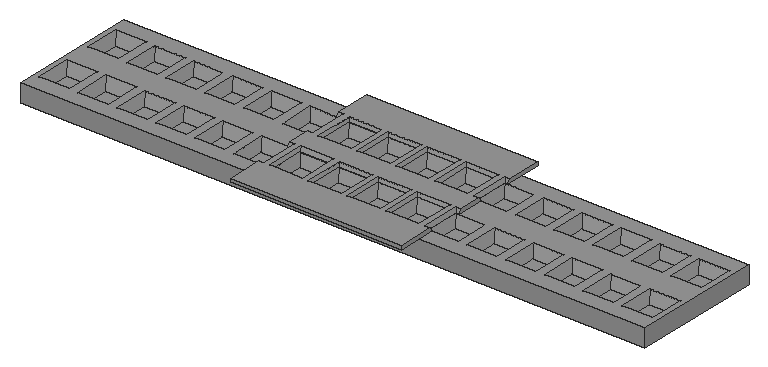
Revit family "2023698", category Lighting Fixtures, host Face, Revit 2018
Family settings
  Host = Face
  Round Connector Dimension = Use Diameter
  Part Type = Normal
  OmniClass Number = 23.80.70.00
  OmniClass Title = Lighting
  Cut with Voids When Loaded = No
  Light Source = Yes
  Shared = No
  Room Calculation Point = No
Parameters (values of type "2023698 OPTIX R 1250 2L TW WHT DA")
  Weight = "n/a"
  Wattage Comments = ""
  Wattage = 9.2903 W
  WarrantyStartDate [instance] = "n/a"
  WarrantyGuarantorParts = "n/a"
  WarrantyDurationUnit = "n/a"
  WarrantyDurationParts = ""
  WarrantyDescription = "http://www.sylvania-lighting.com"
  built-in parameter 1150110 = 1 (stored number, unit not read)
  Voltage = 0 V
  URL = "0.97"
  TypeName = "OPTIX RECESSED 1250 2L TW WHT DALI"
  Type Image = <None>
  Type Comments = "n/a"
  built-in parameter 1114217 = 1 (stored number, unit not read)
  Tilt Angle = -90.00°
  built-in parameter 1150109 = 1 (stored number, unit not read)
  built-in parameter 1150134 = 3
  built-in parameter 1150113 = 1 (stored number, unit not read)
  SerialNumber [instance] = "n/a"
  Photometric Web File = "2023698.ies"
  Material_3_SYL = none
  PowerFactor = 0
  PowerConsumption = "Lighting"
  NominalLength = 308.5 mm
  NominalHeight = 38 mm
  NominalDepth = 308 mm
  Name = "OPTIX RECESSED 1250 2L TW WHT DALI"
  ModelReference = Name  # "OPTIX RECESSED 1250 2L TW WHT DALI"
  ModelNumber = "2023698"
  Model = Name  # "OPTIX RECESSED 1250 2L TW WHT DALI"
  Material = "Feilo Sylvania"
  ManufacturerName = "120 lm/W"
  Manufacturer = ""
  LuminousEfficacy = ""
  built-in parameter 1150105 = 109.82 (stored number, unit not read)
  Lumens = 1380 lm
  LuminaireType = "0"
  built-in parameter 1150115 = 1 (stored number, unit not read)
  LightOutputRatio = "LED"
  built-in parameter 1150137 = (empty or 0)
  built-in parameter 1150139 = (empty or 0)
  LampsType = Lamp  # "n/a"
  LampNominalLuminous = "3000 K"
  LampMacAdamStep = "80"
  LampColourTemperature = "LED"
  LampColourRenderingIndex = "16500"
  built-in parameter 1150112 = 1 (stored number, unit not read)
  built-in parameter 1150114 = 1 (stored number, unit not read)
  Lamp = "n/a"
  Keynote = "n/a"
  InstallationDate [instance] = "n/a"
  InputVoltage = "0"
  InputNominalFrequency = "3000"
  built-in parameter 1150132 = (empty or 0)
  built-in parameter 1150102 = (empty or 0)
  built-in parameter 1150107 = 3200 (stored number, unit not read)
  built-in parameter 1150138 = (empty or 0)
  IngressProtection = "IfcLightFixtureType"
  ImpactProtectionIndex = "IfcLightFixtureType"
  built-in parameter 1150106 = 1.0982 (stored number, unit not read)
  IfcExportType = "IfcLightFixtureType"
  IfcExportAs = "Class I"
  Emit from Circle Diameter = 609.6 mm
  Emit Shape Visible in Rendering = no
  ElectricShockClassification = "120"
  built-in parameter 1150104 = 13.8 (stored number, unit not read)
  DocumentationLiterature = "http://www.sylvania-lighting.com/product/en-int/products/2023698"
  DimmingControlOptions = "n/a"
  Material_2_SYL = none
  Dimming Lamp Color Temperature Shift = <None>
  Description = "OPTIX RECESSED 1250X310 2L TW WHT DALI is a high efficacy low glare luminaire for office and education applications. Ceiling recessed 1250x310 mm. White plastic low glare optics in 2 lines configuration. White RAL9016 fixture body. DALI DT8 controlled tunable white light engine, CRI>80, chromaticity tolerance of 3-step MacAdam ellipse. Luminous flux 3450lm. Power consumption 24W. Luminaire efficacy 144lm/W. Lifespan: 48,500 hours L90B10. UGR<19, Luminance at 65°<3000 Cd/m2, IK07, IP20. Photobiological safety risk group 0. Electrical protection Class I. Glow wire test 850°C."
  Default Elevation = 1219.2 mm
  CreatedOn = "13/10/2022"
  CreatedBy = "@sylvania-lighting.com"
  Cost = 0
  Color Filter = 16777215
  built-in parameter 1114216 [instance] = (empty or 0)
  ClassificationValue = "EF_70_80"
  ClassificationName = "Uniclass2015"
  Material_1_SYL = none
  BarCode [instance] = "n/a"
  built-in parameter 1114218 = 1 (stored number, unit not read)
  built-in parameter 1150133 = 10 (stored number, unit not read)
  AssetType = "Fixed"
  AssetIdentifier [instance] = "n/a"
  Assembly Code = "D5020200"
  Apparent Load = 30 VA
  Material_4_SYL = none
Reference planes
  plane 1 "Center (Front/Back)": y = 0
  plane 2: z = 0
  plane 3 "Center (Left/Right)": x = 0
  plane 4: x = -154.25
  plane 5: x = 154.25
  plane 6: y = 154
  plane 7: y = -154
  plane 8: z = -32
  plane 9: z = 6
  plane 10: y = -116
  plane 11: y = 116
  plane 12: x = -563
  plane 13: x = 563
  plane 14: y = 90
  plane 15: y = -90
  plane 16: x = 275
  plane 17: x = 285
  plane 18: x = 345
  plane 19: x = 355
  plane 20: x = 415
  plane 21: x = 425
  plane 22: x = 485
  plane 23: x = 495
  plane 24: x = -275
  plane 25: x = -285
  plane 26: x = -345
  plane 27: x = -355
  plane 28: x = -415
  plane 29: x = -425
  plane 30: x = -485
  plane 31: x = -495
Forms (mm)
  Extrusion 1, solid, material "Aluminum", detail levels medium+fine
    sketch origin (0, 0, 0) x (1, 0, 0) y (0, 1, 0)
      loop
        line (-154.25, 154) -> (-154.25, -154) -> (154.25, -154) -> (154.25, 154) -> (-154.25, 154)
    from 0 to 6
  Extrusion 2, solid, material "Aluminum", detail levels medium+fine
    sketch origin (0, 0, 0) x (1, 0, 0) y (0, 1, 0)
      loop
        line (-563, 116) -> (-563, -116) -> (563, -116) -> (563, 116) -> (-563, 116)
    from 0 to -32
  Blend 3, void
    base sketch origin (0.2, -114, 0) x (1, 0, 0) y (0, 1, 0)
      loop
        line (-275.2, 204) -> (-275.2, 134) -> (-215.2, 134) -> (-215.2, 204) -> (-275.2, 204)
    top sketch origin (0.2, -114, 0) x (1, 0, 0) y (0, 1, 0)
      loop
        line (-265.2, 189) -> (-265.2, 149) -> (-225.2, 149) -> (-225.2, 189) -> (-265.2, 189)
    from 6 to -19
  Blend 4, void
    base sketch origin (70.2, -114, 0) x (1, 0, 0) y (0, 1, 0)
      loop
        line (-275.2, 204) -> (-275.2, 134) -> (-215.2, 134) -> (-215.2, 204) -> (-275.2, 204)
    top sketch origin (70.2, -114, 0) x (1, 0, 0) y (0, 1, 0)
      loop
        line (-265.2, 189) -> (-265.2, 149) -> (-225.2, 149) -> (-225.2, 189) -> (-265.2, 189)
    from 6 to -19
  Blend 5, void
    base sketch origin (140.2, -114, 0) x (1, 0, 0) y (0, 1, 0)
      loop
        line (-275.2, 204) -> (-275.2, 134) -> (-215.2, 134) -> (-215.2, 204) -> (-275.2, 204)
    top sketch origin (140.2, -114, 0) x (1, 0, 0) y (0, 1, 0)
      loop
        line (-265.2, 189) -> (-265.2, 149) -> (-225.2, 149) -> (-225.2, 189) -> (-265.2, 189)
    from 6 to -19
  Blend 6, void
    base sketch origin (210.2, -114, 0) x (1, 0, 0) y (0, 1, 0)
      loop
        line (-275.2, 204) -> (-275.2, 134) -> (-215.2, 134) -> (-215.2, 204) -> (-275.2, 204)
    top sketch origin (210.2, -114, 0) x (1, 0, 0) y (0, 1, 0)
      loop
        line (-265.2, 189) -> (-265.2, 149) -> (-225.2, 149) -> (-225.2, 189) -> (-265.2, 189)
    from 6 to -19
  Blend 7, void
    base sketch origin (280.2, -114, 0) x (1, 0, 0) y (0, 1, 0)
      loop
        line (-275.2, 204) -> (-275.2, 134) -> (-215.2, 134) -> (-215.2, 204) -> (-275.2, 204)
    top sketch origin (280.2, -114, 0) x (1, 0, 0) y (0, 1, 0)
      loop
        line (-265.2, 189) -> (-265.2, 149) -> (-225.2, 149) -> (-225.2, 189) -> (-265.2, 189)
    from 6 to -19
  Blend 8, void
    base sketch origin (350.2, -114, 0) x (1, 0, 0) y (0, 1, 0)
      loop
        line (-275.2, 204) -> (-275.2, 134) -> (-215.2, 134) -> (-215.2, 204) -> (-275.2, 204)
    top sketch origin (350.2, -114, 0) x (1, 0, 0) y (0, 1, 0)
      loop
        line (-265.2, 189) -> (-265.2, 149) -> (-225.2, 149) -> (-225.2, 189) -> (-265.2, 189)
    from 6 to -19
  Blend 9, void
    base sketch origin (420.2, -114, 0) x (1, 0, 0) y (0, 1, 0)
      loop
        line (-275.2, 204) -> (-275.2, 134) -> (-215.2, 134) -> (-215.2, 204) -> (-275.2, 204)
    top sketch origin (420.2, -114, 0) x (1, 0, 0) y (0, 1, 0)
      loop
        line (-265.2, 189) -> (-265.2, 149) -> (-225.2, 149) -> (-225.2, 189) -> (-265.2, 189)
    from 6 to -19
  Blend 10, void
    base sketch origin (490.2, -114, 0) x (1, 0, 0) y (0, 1, 0)
      loop
        line (-275.2, 204) -> (-275.2, 134) -> (-215.2, 134) -> (-215.2, 204) -> (-275.2, 204)
    top sketch origin (490.2, -114, 0) x (1, 0, 0) y (0, 1, 0)
      loop
        line (-265.2, 189) -> (-265.2, 149) -> (-225.2, 149) -> (-225.2, 189) -> (-265.2, 189)
    from 6 to -19
  Blend 11, void
    base sketch origin (560.2, -114, 0) x (1, 0, 0) y (0, 1, 0)
      loop
        line (-275.2, 204) -> (-275.2, 134) -> (-215.2, 134) -> (-215.2, 204) -> (-275.2, 204)
    top sketch origin (560.2, -114, 0) x (1, 0, 0) y (0, 1, 0)
      loop
        line (-265.2, 189) -> (-265.2, 149) -> (-225.2, 149) -> (-225.2, 189) -> (-265.2, 189)
    from 6 to -19
  Blend 12, void
    base sketch origin (630.2, -114, 0) x (1, 0, 0) y (0, 1, 0)
      loop
        line (-275.2, 204) -> (-275.2, 134) -> (-215.2, 134) -> (-215.2, 204) -> (-275.2, 204)
    top sketch origin (630.2, -114, 0) x (1, 0, 0) y (0, 1, 0)
      loop
        line (-265.2, 189) -> (-265.2, 149) -> (-225.2, 149) -> (-225.2, 189) -> (-265.2, 189)
    from 6 to -19
  Blend 13, void
    base sketch origin (700.2, -114, 0) x (1, 0, 0) y (0, 1, 0)
      loop
        line (-275.2, 204) -> (-275.2, 134) -> (-215.2, 134) -> (-215.2, 204) -> (-275.2, 204)
    top sketch origin (700.2, -114, 0) x (1, 0, 0) y (0, 1, 0)
      loop
        line (-265.2, 189) -> (-265.2, 149) -> (-225.2, 149) -> (-225.2, 189) -> (-265.2, 189)
    from 6 to -19
  Blend 14, void
    base sketch origin (770.2, -114, 0) x (1, 0, 0) y (0, 1, 0)
      loop
        line (-275.2, 204) -> (-275.2, 134) -> (-215.2, 134) -> (-215.2, 204) -> (-275.2, 204)
    top sketch origin (770.2, -114, 0) x (1, 0, 0) y (0, 1, 0)
      loop
        line (-265.2, 189) -> (-265.2, 149) -> (-225.2, 149) -> (-225.2, 189) -> (-265.2, 189)
    from 6 to -19
  Blend 15, void
    base sketch origin (-69.8, -114, 0) x (1, 0, 0) y (0, 1, 0)
      loop
        line (-275.2, 204) -> (-275.2, 134) -> (-215.2, 134) -> (-215.2, 204) -> (-275.2, 204)
    top sketch origin (-69.8, -114, 0) x (1, 0, 0) y (0, 1, 0)
      loop
        line (-265.2, 189) -> (-265.2, 149) -> (-225.2, 149) -> (-225.2, 189) -> (-265.2, 189)
    from 6 to -19
  Blend 16, void
    base sketch origin (-139.8, -114, 0) x (1, 0, 0) y (0, 1, 0)
      loop
        line (-275.2, 204) -> (-275.2, 134) -> (-215.2, 134) -> (-215.2, 204) -> (-275.2, 204)
    top sketch origin (-139.8, -114, 0) x (1, 0, 0) y (0, 1, 0)
      loop
        line (-265.2, 189) -> (-265.2, 149) -> (-225.2, 149) -> (-225.2, 189) -> (-265.2, 189)
    from 6 to -19
  Blend 17, void
    base sketch origin (-209.8, -114, 0) x (1, 0, 0) y (0, 1, 0)
      loop
        line (-275.2, 204) -> (-275.2, 134) -> (-215.2, 134) -> (-215.2, 204) -> (-275.2, 204)
    top sketch origin (-209.8, -114, 0) x (1, 0, 0) y (0, 1, 0)
      loop
        line (-265.2, 189) -> (-265.2, 149) -> (-225.2, 149) -> (-225.2, 189) -> (-265.2, 189)
    from 6 to -19
  Blend 18, void
    base sketch origin (-279.8, -114, 0) x (1, 0, 0) y (0, 1, 0)
      loop
        line (-275.2, 204) -> (-275.2, 134) -> (-215.2, 134) -> (-215.2, 204) -> (-275.2, 204)
    top sketch origin (-279.8, -114, 0) x (1, 0, 0) y (0, 1, 0)
      loop
        line (-265.2, 189) -> (-265.2, 149) -> (-225.2, 149) -> (-225.2, 189) -> (-265.2, 189)
    from 6 to -19
  Blend 19, void
    base sketch origin (0.2, -224, 0) x (1, 0, 0) y (0, 1, 0)
      loop
        line (-275.2, 204) -> (-275.2, 134) -> (-215.2, 134) -> (-215.2, 204) -> (-275.2, 204)
    top sketch origin (0.2, -224, 0) x (1, 0, 0) y (0, 1, 0)
      loop
        line (-265.2, 189) -> (-265.2, 149) -> (-225.2, 149) -> (-225.2, 189) -> (-265.2, 189)
    from 6 to -19
  Blend 20, void
    base sketch origin (70.2, -224, 0) x (1, 0, 0) y (0, 1, 0)
      loop
        line (-275.2, 204) -> (-275.2, 134) -> (-215.2, 134) -> (-215.2, 204) -> (-275.2, 204)
    top sketch origin (70.2, -224, 0) x (1, 0, 0) y (0, 1, 0)
      loop
        line (-265.2, 189) -> (-265.2, 149) -> (-225.2, 149) -> (-225.2, 189) -> (-265.2, 189)
    from 6 to -19
  Blend 21, void
    base sketch origin (140.2, -224, 0) x (1, 0, 0) y (0, 1, 0)
      loop
        line (-275.2, 204) -> (-275.2, 134) -> (-215.2, 134) -> (-215.2, 204) -> (-275.2, 204)
    top sketch origin (140.2, -224, 0) x (1, 0, 0) y (0, 1, 0)
      loop
        line (-265.2, 189) -> (-265.2, 149) -> (-225.2, 149) -> (-225.2, 189) -> (-265.2, 189)
    from 6 to -19
  Blend 22, void
    base sketch origin (210.2, -224, 0) x (1, 0, 0) y (0, 1, 0)
      loop
        line (-275.2, 204) -> (-275.2, 134) -> (-215.2, 134) -> (-215.2, 204) -> (-275.2, 204)
    top sketch origin (210.2, -224, 0) x (1, 0, 0) y (0, 1, 0)
      loop
        line (-265.2, 189) -> (-265.2, 149) -> (-225.2, 149) -> (-225.2, 189) -> (-265.2, 189)
    from 6 to -19
  Blend 23, void
    base sketch origin (280.2, -224, 0) x (1, 0, 0) y (0, 1, 0)
      loop
        line (-275.2, 204) -> (-275.2, 134) -> (-215.2, 134) -> (-215.2, 204) -> (-275.2, 204)
    top sketch origin (280.2, -224, 0) x (1, 0, 0) y (0, 1, 0)
      loop
        line (-265.2, 189) -> (-265.2, 149) -> (-225.2, 149) -> (-225.2, 189) -> (-265.2, 189)
    from 6 to -19
  Blend 24, void
    base sketch origin (350.2, -224, 0) x (1, 0, 0) y (0, 1, 0)
      loop
        line (-275.2, 204) -> (-275.2, 134) -> (-215.2, 134) -> (-215.2, 204) -> (-275.2, 204)
    top sketch origin (350.2, -224, 0) x (1, 0, 0) y (0, 1, 0)
      loop
        line (-265.2, 189) -> (-265.2, 149) -> (-225.2, 149) -> (-225.2, 189) -> (-265.2, 189)
    from 6 to -19
  Blend 25, void
    base sketch origin (420.2, -224, 0) x (1, 0, 0) y (0, 1, 0)
      loop
        line (-275.2, 204) -> (-275.2, 134) -> (-215.2, 134) -> (-215.2, 204) -> (-275.2, 204)
    top sketch origin (420.2, -224, 0) x (1, 0, 0) y (0, 1, 0)
      loop
        line (-265.2, 189) -> (-265.2, 149) -> (-225.2, 149) -> (-225.2, 189) -> (-265.2, 189)
    from 6 to -19
  Blend 26, void
    base sketch origin (490.2, -224, 0) x (1, 0, 0) y (0, 1, 0)
      loop
        line (-275.2, 204) -> (-275.2, 134) -> (-215.2, 134) -> (-215.2, 204) -> (-275.2, 204)
    top sketch origin (490.2, -224, 0) x (1, 0, 0) y (0, 1, 0)
      loop
        line (-265.2, 189) -> (-265.2, 149) -> (-225.2, 149) -> (-225.2, 189) -> (-265.2, 189)
    from 6 to -19
  Blend 27, void
    base sketch origin (560.2, -224, 0) x (1, 0, 0) y (0, 1, 0)
      loop
        line (-275.2, 204) -> (-275.2, 134) -> (-215.2, 134) -> (-215.2, 204) -> (-275.2, 204)
    top sketch origin (560.2, -224, 0) x (1, 0, 0) y (0, 1, 0)
      loop
        line (-265.2, 189) -> (-265.2, 149) -> (-225.2, 149) -> (-225.2, 189) -> (-265.2, 189)
    from 6 to -19
  Blend 28, void
    base sketch origin (630.2, -224, 0) x (1, 0, 0) y (0, 1, 0)
      loop
        line (-275.2, 204) -> (-275.2, 134) -> (-215.2, 134) -> (-215.2, 204) -> (-275.2, 204)
    top sketch origin (630.2, -224, 0) x (1, 0, 0) y (0, 1, 0)
      loop
        line (-265.2, 189) -> (-265.2, 149) -> (-225.2, 149) -> (-225.2, 189) -> (-265.2, 189)
    from 6 to -19
  Blend 29, void
    base sketch origin (700.2, -224, 0) x (1, 0, 0) y (0, 1, 0)
      loop
        line (-275.2, 204) -> (-275.2, 134) -> (-215.2, 134) -> (-215.2, 204) -> (-275.2, 204)
    top sketch origin (700.2, -224, 0) x (1, 0, 0) y (0, 1, 0)
      loop
        line (-265.2, 189) -> (-265.2, 149) -> (-225.2, 149) -> (-225.2, 189) -> (-265.2, 189)
    from 6 to -19
  Blend 30, void
    base sketch origin (770.2, -224, 0) x (1, 0, 0) y (0, 1, 0)
      loop
        line (-275.2, 204) -> (-275.2, 134) -> (-215.2, 134) -> (-215.2, 204) -> (-275.2, 204)
    top sketch origin (770.2, -224, 0) x (1, 0, 0) y (0, 1, 0)
      loop
        line (-265.2, 189) -> (-265.2, 149) -> (-225.2, 149) -> (-225.2, 189) -> (-265.2, 189)
    from 6 to -19
  Blend 31, void
    base sketch origin (-69.8, -224, 0) x (1, 0, 0) y (0, 1, 0)
      loop
        line (-275.2, 204) -> (-275.2, 134) -> (-215.2, 134) -> (-215.2, 204) -> (-275.2, 204)
    top sketch origin (-69.8, -224, 0) x (1, 0, 0) y (0, 1, 0)
      loop
        line (-265.2, 189) -> (-265.2, 149) -> (-225.2, 149) -> (-225.2, 189) -> (-265.2, 189)
    from 6 to -19
  Blend 32, void
    base sketch origin (-139.8, -224, 0) x (1, 0, 0) y (0, 1, 0)
      loop
        line (-275.2, 204) -> (-275.2, 134) -> (-215.2, 134) -> (-215.2, 204) -> (-275.2, 204)
    top sketch origin (-139.8, -224, 0) x (1, 0, 0) y (0, 1, 0)
      loop
        line (-265.2, 189) -> (-265.2, 149) -> (-225.2, 149) -> (-225.2, 189) -> (-265.2, 189)
    from 6 to -19
  Blend 33, void
    base sketch origin (-209.8, -224, 0) x (1, 0, 0) y (0, 1, 0)
      loop
        line (-275.2, 204) -> (-275.2, 134) -> (-215.2, 134) -> (-215.2, 204) -> (-275.2, 204)
    top sketch origin (-209.8, -224, 0) x (1, 0, 0) y (0, 1, 0)
      loop
        line (-265.2, 189) -> (-265.2, 149) -> (-225.2, 149) -> (-225.2, 189) -> (-265.2, 189)
    from 6 to -19
  Blend 34, void
    base sketch origin (-279.8, -224, 0) x (1, 0, 0) y (0, 1, 0)
      loop
        line (-275.2, 204) -> (-275.2, 134) -> (-215.2, 134) -> (-215.2, 204) -> (-275.2, 204)
    top sketch origin (-279.8, -224, 0) x (1, 0, 0) y (0, 1, 0)
      loop
        line (-265.2, 189) -> (-265.2, 149) -> (-225.2, 149) -> (-225.2, 189) -> (-265.2, 189)
    from 6 to -19
  Extrusion 35, solid, detail levels coarse
    sketch origin (0, 0, 0) x (1, 0, 0) y (0, 0, 1)
      loop
        line (-154.25, 6) -> (-154.25, -32) -> (154.25, -32) -> (154.25, 6) -> (-154.25, 6)
    from -154 to 154
  Extrusion 36, solid, material "Glass, White, High Luminance", detail levels fine
    sketch origin (0, 0, 0) x (1, 0, 0) y (0, 1, 0)
      loop
        line (-545, 75) -> (-545, 35) -> (-505, 35) -> (-505, 75) -> (-545, 75)
    from -19 to -18
  Extrusion 37, solid, material "Glass, White, High Luminance", detail levels fine
    sketch origin (70, 0, 0) x (1, 0, 0) y (0, 1, 0)
      loop
        line (-545, 75) -> (-545, 35) -> (-505, 35) -> (-505, 75) -> (-545, 75)
    from -19 to -18
  Extrusion 38, solid, material "Glass, White, High Luminance", detail levels fine
    sketch origin (140, 0, 0) x (1, 0, 0) y (0, 1, 0)
      loop
        line (-545, 75) -> (-545, 35) -> (-505, 35) -> (-505, 75) -> (-545, 75)
    from -19 to -18
  Extrusion 39, solid, material "Glass, White, High Luminance", detail levels fine
    sketch origin (210, 0, 0) x (1, 0, 0) y (0, 1, 0)
      loop
        line (-545, 75) -> (-545, 35) -> (-505, 35) -> (-505, 75) -> (-545, 75)
    from -19 to -18
  Extrusion 40, solid, material "Glass, White, High Luminance", detail levels fine
    sketch origin (280, 0, 0) x (1, 0, 0) y (0, 1, 0)
      loop
        line (-545, 75) -> (-545, 35) -> (-505, 35) -> (-505, 75) -> (-545, 75)
    from -19 to -18
  Extrusion 41, solid, material "Glass, White, High Luminance", detail levels fine
    sketch origin (350, 0, 0) x (1, 0, 0) y (0, 1, 0)
      loop
        line (-545, 75) -> (-545, 35) -> (-505, 35) -> (-505, 75) -> (-545, 75)
    from -19 to -18
  Extrusion 42, solid, material "Glass, White, High Luminance", detail levels fine
    sketch origin (420, 0, 0) x (1, 0, 0) y (0, 1, 0)
      loop
        line (-545, 75) -> (-545, 35) -> (-505, 35) -> (-505, 75) -> (-545, 75)
    from -19 to -18
  Extrusion 43, solid, material "Glass, White, High Luminance", detail levels fine
    sketch origin (490, 0, 0) x (1, 0, 0) y (0, 1, 0)
      loop
        line (-545, 75) -> (-545, 35) -> (-505, 35) -> (-505, 75) -> (-545, 75)
    from -19 to -18
  Extrusion 44, solid, material "Glass, White, High Luminance", detail levels fine
    sketch origin (560, 0, 0) x (1, 0, 0) y (0, 1, 0)
      loop
        line (-545, 75) -> (-545, 35) -> (-505, 35) -> (-505, 75) -> (-545, 75)
    from -19 to -18
  Extrusion 45, solid, material "Glass, White, High Luminance", detail levels fine
    sketch origin (630, 0, 0) x (1, 0, 0) y (0, 1, 0)
      loop
        line (-545, 75) -> (-545, 35) -> (-505, 35) -> (-505, 75) -> (-545, 75)
    from -19 to -18
  Extrusion 46, solid, material "Glass, White, High Luminance", detail levels fine
    sketch origin (700, 0, 0) x (1, 0, 0) y (0, 1, 0)
      loop
        line (-545, 75) -> (-545, 35) -> (-505, 35) -> (-505, 75) -> (-545, 75)
    from -19 to -18
  Extrusion 47, solid, material "Glass, White, High Luminance", detail levels fine
    sketch origin (770, 0, 0) x (1, 0, 0) y (0, 1, 0)
      loop
        line (-545, 75) -> (-545, 35) -> (-505, 35) -> (-505, 75) -> (-545, 75)
    from -19 to -18
  Extrusion 48, solid, material "Glass, White, High Luminance", detail levels fine
    sketch origin (840, 0, 0) x (1, 0, 0) y (0, 1, 0)
      loop
        line (-545, 75) -> (-545, 35) -> (-505, 35) -> (-505, 75) -> (-545, 75)
    from -19 to -18
  Extrusion 49, solid, material "Glass, White, High Luminance", detail levels fine
    sketch origin (910, 0, 0) x (1, 0, 0) y (0, 1, 0)
      loop
        line (-545, 75) -> (-545, 35) -> (-505, 35) -> (-505, 75) -> (-545, 75)
    from -19 to -18
  Extrusion 50, solid, material "Glass, White, High Luminance", detail levels fine
    sketch origin (980, 0, 0) x (1, 0, 0) y (0, 1, 0)
      loop
        line (-545, 75) -> (-545, 35) -> (-505, 35) -> (-505, 75) -> (-545, 75)
    from -19 to -18
  Extrusion 51, solid, material "Glass, White, High Luminance", detail levels fine
    sketch origin (1050, 0, 0) x (1, 0, 0) y (0, 1, 0)
      loop
        line (-545, 75) -> (-545, 35) -> (-505, 35) -> (-505, 75) -> (-545, 75)
    from -19 to -18
  Extrusion 52, solid, material "Glass, White, High Luminance", detail levels fine
    sketch origin (0, -110, 0) x (1, 0, 0) y (0, 1, 0)
      loop
        line (-545, 75) -> (-545, 35) -> (-505, 35) -> (-505, 75) -> (-545, 75)
    from -19 to -18
  Extrusion 53, solid, material "Glass, White, High Luminance", detail levels fine
    sketch origin (70, -110, 0) x (1, 0, 0) y (0, 1, 0)
      loop
        line (-545, 75) -> (-545, 35) -> (-505, 35) -> (-505, 75) -> (-545, 75)
    from -19 to -18
  Extrusion 54, solid, material "Glass, White, High Luminance", detail levels fine
    sketch origin (140, -110, 0) x (1, 0, 0) y (0, 1, 0)
      loop
        line (-545, 75) -> (-545, 35) -> (-505, 35) -> (-505, 75) -> (-545, 75)
    from -19 to -18
  Extrusion 55, solid, material "Glass, White, High Luminance", detail levels fine
    sketch origin (210, -110, 0) x (1, 0, 0) y (0, 1, 0)
      loop
        line (-545, 75) -> (-545, 35) -> (-505, 35) -> (-505, 75) -> (-545, 75)
    from -19 to -18
  Extrusion 56, solid, material "Glass, White, High Luminance", detail levels fine
    sketch origin (280, -110, 0) x (1, 0, 0) y (0, 1, 0)
      loop
        line (-545, 75) -> (-545, 35) -> (-505, 35) -> (-505, 75) -> (-545, 75)
    from -19 to -18
  Extrusion 57, solid, material "Glass, White, High Luminance", detail levels fine
    sketch origin (350, -110, 0) x (1, 0, 0) y (0, 1, 0)
      loop
        line (-545, 75) -> (-545, 35) -> (-505, 35) -> (-505, 75) -> (-545, 75)
    from -19 to -18
  Extrusion 58, solid, material "Glass, White, High Luminance", detail levels fine
    sketch origin (420, -110, 0) x (1, 0, 0) y (0, 1, 0)
      loop
        line (-545, 75) -> (-545, 35) -> (-505, 35) -> (-505, 75) -> (-545, 75)
    from -19 to -18
  Extrusion 59, solid, material "Glass, White, High Luminance", detail levels fine
    sketch origin (490, -110, 0) x (1, 0, 0) y (0, 1, 0)
      loop
        line (-545, 75) -> (-545, 35) -> (-505, 35) -> (-505, 75) -> (-545, 75)
    from -19 to -18
  Extrusion 60, solid, material "Glass, White, High Luminance", detail levels fine
    sketch origin (560, -110, 0) x (1, 0, 0) y (0, 1, 0)
      loop
        line (-545, 75) -> (-545, 35) -> (-505, 35) -> (-505, 75) -> (-545, 75)
    from -19 to -18
  Extrusion 61, solid, material "Glass, White, High Luminance", detail levels fine
    sketch origin (630, -110, 0) x (1, 0, 0) y (0, 1, 0)
      loop
        line (-545, 75) -> (-545, 35) -> (-505, 35) -> (-505, 75) -> (-545, 75)
    from -19 to -18
  Extrusion 62, solid, material "Glass, White, High Luminance", detail levels fine
    sketch origin (700, -110, 0) x (1, 0, 0) y (0, 1, 0)
      loop
        line (-545, 75) -> (-545, 35) -> (-505, 35) -> (-505, 75) -> (-545, 75)
    from -19 to -18
  Extrusion 63, solid, material "Glass, White, High Luminance", detail levels fine
    sketch origin (770, -110, 0) x (1, 0, 0) y (0, 1, 0)
      loop
        line (-545, 75) -> (-545, 35) -> (-505, 35) -> (-505, 75) -> (-545, 75)
    from -19 to -18
  Extrusion 64, solid, material "Glass, White, High Luminance", detail levels fine
    sketch origin (840, -110, 0) x (1, 0, 0) y (0, 1, 0)
      loop
        line (-545, 75) -> (-545, 35) -> (-505, 35) -> (-505, 75) -> (-545, 75)
    from -19 to -18
  Extrusion 65, solid, material "Glass, White, High Luminance", detail levels fine
    sketch origin (910, -110, 0) x (1, 0, 0) y (0, 1, 0)
      loop
        line (-545, 75) -> (-545, 35) -> (-505, 35) -> (-505, 75) -> (-545, 75)
    from -19 to -18
  Extrusion 66, solid, material "Glass, White, High Luminance", detail levels fine
    sketch origin (980, -110, 0) x (1, 0, 0) y (0, 1, 0)
      loop
        line (-545, 75) -> (-545, 35) -> (-505, 35) -> (-505, 75) -> (-545, 75)
    from -19 to -18
  Extrusion 67, solid, material "Glass, White, High Luminance", detail levels fine
    sketch origin (1050, -110, 0) x (1, 0, 0) y (0, 1, 0)
      loop
        line (-545, 75) -> (-545, 35) -> (-505, 35) -> (-505, 75) -> (-545, 75)
    from -19 to -18
Cuts and joins
  Blend 3, Blend 4, Blend 5, Blend 6, Blend 7, Blend 8, Blend 9, Blend 10, Blend 11, Blend 12, Blend 13, Blend 14, Blend 15, Blend 16, Blend 17, Blend 18, Blend 19, Blend 20, Blend 21, Blend 22, Blend 23, Blend 24, Blend 25, Blend 26, Blend 27, Blend 28, Blend 29, Blend 30, Blend 31, Blend 32, Blend 33, Blend 34 cuts Extrusion 1
  Blend 3, Blend 4, Blend 5, Blend 6, Blend 7, Blend 8, Blend 9, Blend 10, Blend 11, Blend 12, Blend 13, Blend 14, Blend 15, Blend 16, Blend 17, Blend 18, Blend 19, Blend 20, Blend 21, Blend 22, Blend 23, Blend 24, Blend 25, Blend 26, Blend 27, Blend 28, Blend 29, Blend 30, Blend 31, Blend 32, Blend 33, Blend 34 cuts Extrusion 2
Dimensions and locks
  "NominalLength": plane 4 to plane 5
  equal spacing: plane 4, plane 3 "Center (Left/Right)", plane 5
  "NominalDepth": plane 6 to plane 7
  equal spacing: plane 6, plane 1 "Center (Front/Back)", plane 7
  plane 8 to plane 2 = 32 mm
  plane 9 to plane 2 = 6 mm
  "NominalHeight": plane 8 to plane 9
  aligned and locked: plane 2 to host face
  aligned and locked: level to host face
Automatic sketch dimensions
  host sketch curve to host sketch curve = 2438.4 mm  (x2)
  Extrusion 1 sketch curve to plane 4 = 0 mm
  Extrusion 1 sketch curve to plane 5 = 0 mm
  Extrusion 1 sketch curve to plane 7 = 0 mm
  Extrusion 1 sketch curve to plane 6 = 0 mm
  Extrusion 2 sketch curve to plane 10 = 0 mm
  Extrusion 2 sketch curve to plane 12 = 0 mm
  Extrusion 2 sketch curve to plane 13 = 0 mm
  Extrusion 2 sketch curve to plane 11 = 0 mm
  Blend 3 sketch curve to plane 24 = 0 mm
  Blend 3 sketch curve to plane 14 = 0 mm
  Blend 3 sketch curve to plane 1 "Center (Front/Back)" = 20 mm
  Blend 3 sketch curve to Blend 3 sketch curve = 60 mm
  plane 24 to Blend 3 sketch curve = 10 mm
  Blend 3 sketch curve to Blend 3 sketch curve = 40 mm
  Blend 3 sketch curve to plane 1 "Center (Front/Back)" = 35 mm
  Blend 3 sketch curve to plane 14 = 15 mm
  Blend 4 sketch curve to plane 14 = 0 mm
  Blend 4 sketch curve to plane 1 "Center (Front/Back)" = 20 mm
  plane 24 to Blend 4 sketch curve = 70 mm
  Blend 4 sketch curve to Blend 4 sketch curve = 60 mm
  Blend 4 sketch curve to plane 1 "Center (Front/Back)" = 35 mm
  plane 24 to Blend 4 sketch curve = 80 mm
  Blend 4 sketch curve to Blend 4 sketch curve = 40 mm
  Blend 4 sketch curve to plane 14 = 15 mm
  Blend 5 sketch curve to plane 14 = 0 mm
  Blend 5 sketch curve to plane 1 "Center (Front/Back)" = 20 mm
  Blend 5 sketch curve to plane 3 "Center (Left/Right)" = 135 mm
  Blend 5 sketch curve to Blend 5 sketch curve = 60 mm
  Blend 5 sketch curve to plane 1 "Center (Front/Back)" = 35 mm
  Blend 5 sketch curve to plane 3 "Center (Left/Right)" = 125 mm
  Blend 5 sketch curve to Blend 5 sketch curve = 40 mm
  Blend 5 sketch curve to plane 14 = 15 mm
  Blend 6 sketch curve to plane 14 = 0 mm
  Blend 6 sketch curve to plane 1 "Center (Front/Back)" = 20 mm
  Blend 6 sketch curve to plane 3 "Center (Left/Right)" = 65 mm
  Blend 6 sketch curve to plane 3 "Center (Left/Right)" = 5 mm
  Blend 6 sketch curve to plane 3 "Center (Left/Right)" = 55 mm
  Blend 6 sketch curve to plane 3 "Center (Left/Right)" = 15 mm
  Blend 6 sketch curve to plane 1 "Center (Front/Back)" = 35 mm
  Blend 6 sketch curve to plane 14 = 15 mm
  Blend 7 sketch curve to plane 14 = 0 mm
  plane 3 "Center (Left/Right)" to Blend 7 sketch curve = 5 mm
  Blend 7 sketch curve to plane 1 "Center (Front/Back)" = 20 mm
  Blend 7 sketch curve to Blend 7 sketch curve = 60 mm
  plane 3 "Center (Left/Right)" to Blend 7 sketch curve = 15 mm
  Blend 7 sketch curve to Blend 7 sketch curve = 40 mm
  Blend 7 sketch curve to plane 1 "Center (Front/Back)" = 35 mm
  Blend 7 sketch curve to plane 14 = 15 mm
  Blend 8 sketch curve to plane 14 = 0 mm
  Blend 8 sketch curve to plane 1 "Center (Front/Back)" = 20 mm
  plane 3 "Center (Left/Right)" to Blend 8 sketch curve = 75 mm
  Blend 8 sketch curve to Blend 8 sketch curve = 60 mm
  Blend 8 sketch curve to plane 1 "Center (Front/Back)" = 35 mm
  plane 3 "Center (Left/Right)" to Blend 8 sketch curve = 85 mm
  Blend 8 sketch curve to Blend 8 sketch curve = 40 mm
  Blend 8 sketch curve to plane 14 = 15 mm
  Blend 9 sketch curve to plane 14 = 0 mm
  Blend 9 sketch curve to plane 1 "Center (Front/Back)" = 20 mm
  plane 16 to Blend 9 sketch curve = 130 mm
  Blend 9 sketch curve to Blend 9 sketch curve = 60 mm
  Blend 9 sketch curve to plane 1 "Center (Front/Back)" = 35 mm
  plane 16 to Blend 9 sketch curve = 120 mm
  Blend 9 sketch curve to Blend 9 sketch curve = 40 mm
  Blend 9 sketch curve to plane 14 = 15 mm
  Blend 10 sketch curve to plane 14 = 0 mm
  Blend 10 sketch curve to plane 16 = 0 mm
  Blend 10 sketch curve to Blend 10 sketch curve = 60 mm
  Blend 10 sketch curve to plane 1 "Center (Front/Back)" = 20 mm
  plane 16 to Blend 10 sketch curve = 50 mm
  plane 16 to Blend 10 sketch curve = 10 mm
  Blend 10 sketch curve to plane 1 "Center (Front/Back)" = 35 mm
  Blend 10 sketch curve to plane 14 = 15 mm
  Blend 11 sketch curve to plane 17 = 0 mm
  Blend 11 sketch curve to plane 18 = 0 mm
  Blend 11 sketch curve to plane 14 = 0 mm
  Blend 11 sketch curve to plane 1 "Center (Front/Back)" = 20 mm
  plane 17 to Blend 11 sketch curve = 10 mm
  plane 18 to Blend 11 sketch curve = 10 mm
  Blend 11 sketch curve to plane 1 "Center (Front/Back)" = 35 mm
  Blend 11 sketch curve to plane 14 = 15 mm
  Blend 12 sketch curve to plane 19 = 0 mm
  Blend 12 sketch curve to plane 20 = 0 mm
  Blend 12 sketch curve to plane 14 = 0 mm
  Blend 12 sketch curve to plane 1 "Center (Front/Back)" = 20 mm
  Blend 12 sketch curve to plane 19 = 10 mm
  plane 20 to Blend 12 sketch curve = 10 mm
  Blend 12 sketch curve to plane 1 "Center (Front/Back)" = 35 mm
  Blend 12 sketch curve to plane 14 = 15 mm
  Blend 13 sketch curve to plane 21 = 0 mm
  Blend 13 sketch curve to plane 22 = 0 mm
  Blend 13 sketch curve to plane 14 = 0 mm
  Blend 13 sketch curve to plane 1 "Center (Front/Back)" = 20 mm
  Blend 13 sketch curve to plane 21 = 10 mm
  plane 22 to Blend 13 sketch curve = 10 mm
  Blend 13 sketch curve to plane 1 "Center (Front/Back)" = 35 mm
  Blend 13 sketch curve to plane 14 = 15 mm
  Blend 14 sketch curve to plane 23 = 0 mm
  Blend 14 sketch curve to plane 14 = 0 mm
  Blend 14 sketch curve to plane 13 = 8 mm
  Blend 14 sketch curve to plane 1 "Center (Front/Back)" = 20 mm
  Blend 14 sketch curve to plane 23 = 10 mm
  Blend 14 sketch curve to plane 13 = 18 mm
  Blend 14 sketch curve to plane 1 "Center (Front/Back)" = 35 mm
  Blend 14 sketch curve to plane 14 = 15 mm
  Blend 15 sketch curve to plane 26 = 0 mm
  Blend 15 sketch curve to plane 25 = 0 mm
  Blend 15 sketch curve to plane 14 = 0 mm
  Blend 15 sketch curve to plane 1 "Center (Front/Back)" = 20 mm
  plane 26 to Blend 15 sketch curve = 10 mm
  Blend 15 sketch curve to plane 25 = 10 mm
  Blend 15 sketch curve to plane 1 "Center (Front/Back)" = 35 mm
  Blend 15 sketch curve to plane 14 = 15 mm
  Blend 16 sketch curve to plane 28 = 0 mm
  Blend 16 sketch curve to plane 27 = 0 mm
  Blend 16 sketch curve to plane 14 = 0 mm
  Blend 16 sketch curve to plane 1 "Center (Front/Back)" = 20 mm
  plane 28 to Blend 16 sketch curve = 10 mm
  Blend 16 sketch curve to plane 27 = 10 mm
  Blend 16 sketch curve to plane 1 "Center (Front/Back)" = 35 mm
  Blend 16 sketch curve to plane 14 = 15 mm
  Blend 17 sketch curve to plane 30 = 0 mm
  Blend 17 sketch curve to plane 29 = 0 mm
  Blend 17 sketch curve to plane 14 = 0 mm
  Blend 17 sketch curve to plane 1 "Center (Front/Back)" = 20 mm
  plane 30 to Blend 17 sketch curve = 10 mm
  Blend 17 sketch curve to plane 29 = 10 mm
  Blend 17 sketch curve to plane 1 "Center (Front/Back)" = 35 mm
  Blend 17 sketch curve to plane 14 = 15 mm
  Blend 18 sketch curve to plane 14 = 0 mm
  Blend 18 sketch curve to plane 31 = 0 mm
  plane 12 to Blend 18 sketch curve = 8 mm
  Blend 18 sketch curve to plane 1 "Center (Front/Back)" = 20 mm
  plane 12 to Blend 18 sketch curve = 18 mm
  Blend 18 sketch curve to plane 31 = 10 mm
  Blend 18 sketch curve to plane 1 "Center (Front/Back)" = 35 mm
  Blend 18 sketch curve to plane 14 = 15 mm
  Blend 19 sketch curve to plane 15 = 0 mm
  Blend 19 sketch curve to plane 24 = 0 mm
  Blend 19 sketch curve to Blend 19 sketch curve = 60 mm
  plane 1 "Center (Front/Back)" to Blend 19 sketch curve = 20 mm
  plane 24 to Blend 19 sketch curve = 10 mm
  plane 15 to Blend 19 sketch curve = 15 mm
  Blend 19 sketch curve to Blend 19 sketch curve = 40 mm
  plane 1 "Center (Front/Back)" to Blend 19 sketch curve = 35 mm
  Blend 20 sketch curve to plane 15 = 0 mm
  plane 24 to Blend 20 sketch curve = 70 mm
  Blend 20 sketch curve to Blend 20 sketch curve = 60 mm
  plane 1 "Center (Front/Back)" to Blend 20 sketch curve = 20 mm
  plane 15 to Blend 20 sketch curve = 15 mm
  plane 24 to Blend 20 sketch curve = 80 mm
  Blend 20 sketch curve to Blend 20 sketch curve = 40 mm
  plane 1 "Center (Front/Back)" to Blend 20 sketch curve = 35 mm
  Blend 21 sketch curve to plane 15 = 0 mm
  Blend 21 sketch curve to plane 3 "Center (Left/Right)" = 135 mm
  Blend 21 sketch curve to Blend 21 sketch curve = 60 mm
  plane 1 "Center (Front/Back)" to Blend 21 sketch curve = 20 mm
  plane 15 to Blend 21 sketch curve = 15 mm
  Blend 21 sketch curve to plane 3 "Center (Left/Right)" = 125 mm
  Blend 21 sketch curve to Blend 21 sketch curve = 40 mm
  plane 1 "Center (Front/Back)" to Blend 21 sketch curve = 35 mm
  Blend 22 sketch curve to plane 15 = 0 mm
  Blend 22 sketch curve to plane 3 "Center (Left/Right)" = 65 mm
  Blend 22 sketch curve to plane 3 "Center (Left/Right)" = 5 mm
  plane 1 "Center (Front/Back)" to Blend 22 sketch curve = 20 mm
  plane 15 to Blend 22 sketch curve = 15 mm
  Blend 22 sketch curve to plane 3 "Center (Left/Right)" = 55 mm
  Blend 22 sketch curve to plane 3 "Center (Left/Right)" = 15 mm
  plane 1 "Center (Front/Back)" to Blend 22 sketch curve = 35 mm
  Blend 23 sketch curve to plane 15 = 0 mm
  plane 3 "Center (Left/Right)" to Blend 23 sketch curve = 5 mm
  Blend 23 sketch curve to Blend 23 sketch curve = 60 mm
  plane 1 "Center (Front/Back)" to Blend 23 sketch curve = 20 mm
  plane 3 "Center (Left/Right)" to Blend 23 sketch curve = 15 mm
  plane 15 to Blend 23 sketch curve = 15 mm
  Blend 23 sketch curve to Blend 23 sketch curve = 40 mm
  plane 1 "Center (Front/Back)" to Blend 23 sketch curve = 35 mm
  Blend 24 sketch curve to plane 15 = 0 mm
  plane 3 "Center (Left/Right)" to Blend 24 sketch curve = 75 mm
  Blend 24 sketch curve to Blend 24 sketch curve = 60 mm
  plane 1 "Center (Front/Back)" to Blend 24 sketch curve = 20 mm
  plane 15 to Blend 24 sketch curve = 15 mm
  plane 3 "Center (Left/Right)" to Blend 24 sketch curve = 85 mm
  Blend 24 sketch curve to Blend 24 sketch curve = 40 mm
  plane 1 "Center (Front/Back)" to Blend 24 sketch curve = 35 mm
  Blend 25 sketch curve to plane 15 = 0 mm
  plane 16 to Blend 25 sketch curve = 130 mm
  Blend 25 sketch curve to Blend 25 sketch curve = 60 mm
  plane 1 "Center (Front/Back)" to Blend 25 sketch curve = 20 mm
  plane 15 to Blend 25 sketch curve = 15 mm
  plane 16 to Blend 25 sketch curve = 120 mm
  Blend 25 sketch curve to Blend 25 sketch curve = 40 mm
  plane 1 "Center (Front/Back)" to Blend 25 sketch curve = 35 mm
  Blend 26 sketch curve to plane 15 = 0 mm
  Blend 26 sketch curve to plane 16 = 0 mm
  plane 1 "Center (Front/Back)" to Blend 26 sketch curve = 20 mm
  Blend 26 sketch curve to Blend 26 sketch curve = 60 mm
  plane 15 to Blend 26 sketch curve = 15 mm
  plane 16 to Blend 26 sketch curve = 50 mm
  plane 16 to Blend 26 sketch curve = 10 mm
  plane 1 "Center (Front/Back)" to Blend 26 sketch curve = 35 mm
  Blend 27 sketch curve to plane 15 = 0 mm
  Blend 27 sketch curve to plane 17 = 0 mm
  Blend 27 sketch curve to plane 18 = 0 mm
  plane 1 "Center (Front/Back)" to Blend 27 sketch curve = 20 mm
  plane 17 to Blend 27 sketch curve = 10 mm
  plane 18 to Blend 27 sketch curve = 10 mm
  plane 15 to Blend 27 sketch curve = 15 mm
  plane 1 "Center (Front/Back)" to Blend 27 sketch curve = 35 mm
  Blend 28 sketch curve to plane 15 = 0 mm
  Blend 28 sketch curve to plane 19 = 0 mm
  Blend 28 sketch curve to plane 20 = 0 mm
  plane 1 "Center (Front/Back)" to Blend 28 sketch curve = 20 mm
  Blend 28 sketch curve to plane 19 = 10 mm
  plane 20 to Blend 28 sketch curve = 10 mm
  plane 15 to Blend 28 sketch curve = 15 mm
  plane 1 "Center (Front/Back)" to Blend 28 sketch curve = 35 mm
  Blend 29 sketch curve to plane 15 = 0 mm
  Blend 29 sketch curve to plane 21 = 0 mm
  Blend 29 sketch curve to plane 22 = 0 mm
  plane 1 "Center (Front/Back)" to Blend 29 sketch curve = 20 mm
  Blend 29 sketch curve to plane 21 = 10 mm
  plane 22 to Blend 29 sketch curve = 10 mm
  plane 15 to Blend 29 sketch curve = 15 mm
  plane 1 "Center (Front/Back)" to Blend 29 sketch curve = 35 mm
  Blend 30 sketch curve to plane 15 = 0 mm
  Blend 30 sketch curve to plane 23 = 0 mm
  Blend 30 sketch curve to plane 13 = 8 mm
  plane 1 "Center (Front/Back)" to Blend 30 sketch curve = 20 mm
  Blend 30 sketch curve to plane 23 = 10 mm
  Blend 30 sketch curve to plane 13 = 18 mm
  plane 15 to Blend 30 sketch curve = 15 mm
  plane 1 "Center (Front/Back)" to Blend 30 sketch curve = 35 mm
  Blend 31 sketch curve to plane 15 = 0 mm
  Blend 31 sketch curve to plane 26 = 0 mm
  Blend 31 sketch curve to plane 25 = 0 mm
  plane 1 "Center (Front/Back)" to Blend 31 sketch curve = 20 mm
  plane 26 to Blend 31 sketch curve = 10 mm
  Blend 31 sketch curve to plane 25 = 10 mm
  plane 15 to Blend 31 sketch curve = 15 mm
  plane 1 "Center (Front/Back)" to Blend 31 sketch curve = 35 mm
  Blend 32 sketch curve to plane 15 = 0 mm
  Blend 32 sketch curve to plane 28 = 0 mm
  Blend 32 sketch curve to plane 27 = 0 mm
  plane 1 "Center (Front/Back)" to Blend 32 sketch curve = 20 mm
  plane 28 to Blend 32 sketch curve = 10 mm
  Blend 32 sketch curve to plane 27 = 10 mm
  plane 15 to Blend 32 sketch curve = 15 mm
  plane 1 "Center (Front/Back)" to Blend 32 sketch curve = 35 mm
  Blend 33 sketch curve to plane 15 = 0 mm
  Blend 33 sketch curve to plane 30 = 0 mm
  Blend 33 sketch curve to plane 29 = 0 mm
  plane 1 "Center (Front/Back)" to Blend 33 sketch curve = 20 mm
  plane 30 to Blend 33 sketch curve = 10 mm
  Blend 33 sketch curve to plane 29 = 10 mm
  plane 15 to Blend 33 sketch curve = 15 mm
  plane 1 "Center (Front/Back)" to Blend 33 sketch curve = 35 mm
  Blend 34 sketch curve to plane 15 = 0 mm
  Blend 34 sketch curve to plane 31 = 0 mm
  plane 12 to Blend 34 sketch curve = 8 mm
  plane 1 "Center (Front/Back)" to Blend 34 sketch curve = 20 mm
  plane 12 to Blend 34 sketch curve = 18 mm
  Blend 34 sketch curve to plane 31 = 10 mm
  plane 15 to Blend 34 sketch curve = 15 mm
  plane 1 "Center (Front/Back)" to Blend 34 sketch curve = 35 mm
  Extrusion 35 sketch curve to plane 4 = 0 mm
  Extrusion 35 sketch curve to plane 5 = 0 mm
  Extrusion 35 sketch curve to plane 8 = 0 mm
  Extrusion 35 sketch curve to plane 9 = 0 mm
  plane 12 to Extrusion 36 sketch curve = 18 mm
  Extrusion 36 sketch curve to plane 31 = 10 mm
  Extrusion 36 sketch curve to plane 1 "Center (Front/Back)" = 35 mm
  Extrusion 36 sketch curve to plane 14 = 15 mm
  plane 30 to Extrusion 37 sketch curve = 10 mm
  Extrusion 37 sketch curve to plane 29 = 10 mm
  Extrusion 37 sketch curve to plane 1 "Center (Front/Back)" = 35 mm
  Extrusion 37 sketch curve to plane 14 = 15 mm
  plane 28 to Extrusion 38 sketch curve = 10 mm
  Extrusion 38 sketch curve to plane 27 = 10 mm
  Extrusion 38 sketch curve to plane 1 "Center (Front/Back)" = 35 mm
  Extrusion 38 sketch curve to plane 14 = 15 mm
  plane 26 to Extrusion 39 sketch curve = 10 mm
  Extrusion 39 sketch curve to plane 25 = 10 mm
  Extrusion 39 sketch curve to plane 1 "Center (Front/Back)" = 35 mm
  Extrusion 39 sketch curve to plane 14 = 15 mm
  plane 24 to Extrusion 40 sketch curve = 10 mm
  Extrusion 40 sketch curve to Extrusion 40 sketch curve = 40 mm
  Extrusion 40 sketch curve to plane 1 "Center (Front/Back)" = 35 mm
  Extrusion 40 sketch curve to plane 14 = 15 mm
  Extrusion 41 sketch curve to plane 1 "Center (Front/Back)" = 35 mm
  plane 24 to Extrusion 41 sketch curve = 80 mm
  Extrusion 41 sketch curve to Extrusion 41 sketch curve = 40 mm
  Extrusion 41 sketch curve to plane 14 = 15 mm
  Extrusion 42 sketch curve to plane 1 "Center (Front/Back)" = 35 mm
  Extrusion 42 sketch curve to plane 3 "Center (Left/Right)" = 125 mm
  Extrusion 42 sketch curve to Extrusion 42 sketch curve = 40 mm
  Extrusion 42 sketch curve to plane 14 = 15 mm
  Extrusion 43 sketch curve to plane 3 "Center (Left/Right)" = 55 mm
  Extrusion 43 sketch curve to plane 3 "Center (Left/Right)" = 15 mm
  Extrusion 43 sketch curve to plane 1 "Center (Front/Back)" = 35 mm
  Extrusion 43 sketch curve to plane 14 = 15 mm
  plane 3 "Center (Left/Right)" to Extrusion 44 sketch curve = 15 mm
  Extrusion 44 sketch curve to Extrusion 44 sketch curve = 40 mm
  Extrusion 44 sketch curve to plane 1 "Center (Front/Back)" = 35 mm
  Extrusion 44 sketch curve to plane 14 = 15 mm
  Extrusion 45 sketch curve to plane 1 "Center (Front/Back)" = 35 mm
  plane 3 "Center (Left/Right)" to Extrusion 45 sketch curve = 85 mm
  Extrusion 45 sketch curve to Extrusion 45 sketch curve = 40 mm
  Extrusion 45 sketch curve to plane 14 = 15 mm
  Extrusion 46 sketch curve to plane 1 "Center (Front/Back)" = 35 mm
  plane 16 to Extrusion 46 sketch curve = 120 mm
  Extrusion 46 sketch curve to Extrusion 46 sketch curve = 40 mm
  Extrusion 46 sketch curve to plane 14 = 15 mm
  plane 16 to Extrusion 47 sketch curve = 50 mm
  plane 16 to Extrusion 47 sketch curve = 10 mm
  Extrusion 47 sketch curve to plane 1 "Center (Front/Back)" = 35 mm
  Extrusion 47 sketch curve to plane 14 = 15 mm
  plane 17 to Extrusion 48 sketch curve = 10 mm
  plane 18 to Extrusion 48 sketch curve = 10 mm
  Extrusion 48 sketch curve to plane 1 "Center (Front/Back)" = 35 mm
  Extrusion 48 sketch curve to plane 14 = 15 mm
  Extrusion 49 sketch curve to plane 19 = 10 mm
  plane 20 to Extrusion 49 sketch curve = 10 mm
  Extrusion 49 sketch curve to plane 1 "Center (Front/Back)" = 35 mm
  Extrusion 49 sketch curve to plane 14 = 15 mm
  Extrusion 50 sketch curve to plane 21 = 10 mm
  plane 22 to Extrusion 50 sketch curve = 10 mm
  Extrusion 50 sketch curve to plane 1 "Center (Front/Back)" = 35 mm
  Extrusion 50 sketch curve to plane 14 = 15 mm
  Extrusion 51 sketch curve to plane 23 = 10 mm
  Extrusion 51 sketch curve to plane 13 = 18 mm
  Extrusion 51 sketch curve to plane 1 "Center (Front/Back)" = 35 mm
  Extrusion 51 sketch curve to plane 14 = 15 mm
  plane 12 to Extrusion 52 sketch curve = 18 mm
  Extrusion 52 sketch curve to plane 31 = 10 mm
  plane 15 to Extrusion 52 sketch curve = 15 mm
  plane 1 "Center (Front/Back)" to Extrusion 52 sketch curve = 35 mm
  plane 30 to Extrusion 53 sketch curve = 10 mm
  Extrusion 53 sketch curve to plane 29 = 10 mm
  plane 15 to Extrusion 53 sketch curve = 15 mm
  plane 1 "Center (Front/Back)" to Extrusion 53 sketch curve = 35 mm
  plane 28 to Extrusion 54 sketch curve = 10 mm
  Extrusion 54 sketch curve to plane 27 = 10 mm
  plane 15 to Extrusion 54 sketch curve = 15 mm
  plane 1 "Center (Front/Back)" to Extrusion 54 sketch curve = 35 mm
  plane 26 to Extrusion 55 sketch curve = 10 mm
  Extrusion 55 sketch curve to plane 25 = 10 mm
  plane 15 to Extrusion 55 sketch curve = 15 mm
  plane 1 "Center (Front/Back)" to Extrusion 55 sketch curve = 35 mm
  plane 24 to Extrusion 56 sketch curve = 10 mm
  plane 15 to Extrusion 56 sketch curve = 15 mm
  Extrusion 56 sketch curve to Extrusion 56 sketch curve = 40 mm
  plane 1 "Center (Front/Back)" to Extrusion 56 sketch curve = 35 mm
  plane 15 to Extrusion 57 sketch curve = 15 mm
  plane 24 to Extrusion 57 sketch curve = 80 mm
  Extrusion 57 sketch curve to Extrusion 57 sketch curve = 40 mm
  plane 1 "Center (Front/Back)" to Extrusion 57 sketch curve = 35 mm
  plane 15 to Extrusion 58 sketch curve = 15 mm
  Extrusion 58 sketch curve to plane 3 "Center (Left/Right)" = 125 mm
  Extrusion 58 sketch curve to Extrusion 58 sketch curve = 40 mm
  plane 1 "Center (Front/Back)" to Extrusion 58 sketch curve = 35 mm
  plane 15 to Extrusion 59 sketch curve = 15 mm
  Extrusion 59 sketch curve to plane 3 "Center (Left/Right)" = 55 mm
  Extrusion 59 sketch curve to plane 3 "Center (Left/Right)" = 15 mm
  plane 1 "Center (Front/Back)" to Extrusion 59 sketch curve = 35 mm
  plane 3 "Center (Left/Right)" to Extrusion 60 sketch curve = 15 mm
  plane 15 to Extrusion 60 sketch curve = 15 mm
  Extrusion 60 sketch curve to Extrusion 60 sketch curve = 40 mm
  plane 1 "Center (Front/Back)" to Extrusion 60 sketch curve = 35 mm
  plane 15 to Extrusion 61 sketch curve = 15 mm
  plane 3 "Center (Left/Right)" to Extrusion 61 sketch curve = 85 mm
  Extrusion 61 sketch curve to Extrusion 61 sketch curve = 40 mm
  plane 1 "Center (Front/Back)" to Extrusion 61 sketch curve = 35 mm
  plane 15 to Extrusion 62 sketch curve = 15 mm
  plane 16 to Extrusion 62 sketch curve = 120 mm
  Extrusion 62 sketch curve to Extrusion 62 sketch curve = 40 mm
  plane 1 "Center (Front/Back)" to Extrusion 62 sketch curve = 35 mm
  plane 15 to Extrusion 63 sketch curve = 15 mm
  plane 16 to Extrusion 63 sketch curve = 50 mm
  plane 16 to Extrusion 63 sketch curve = 10 mm
  plane 1 "Center (Front/Back)" to Extrusion 63 sketch curve = 35 mm
  plane 17 to Extrusion 64 sketch curve = 10 mm
  plane 18 to Extrusion 64 sketch curve = 10 mm
  plane 15 to Extrusion 64 sketch curve = 15 mm
  plane 1 "Center (Front/Back)" to Extrusion 64 sketch curve = 35 mm
  Extrusion 65 sketch curve to plane 19 = 10 mm
  plane 20 to Extrusion 65 sketch curve = 10 mm
  plane 15 to Extrusion 65 sketch curve = 15 mm
  plane 1 "Center (Front/Back)" to Extrusion 65 sketch curve = 35 mm
  Extrusion 66 sketch curve to plane 21 = 10 mm
  plane 22 to Extrusion 66 sketch curve = 10 mm
  plane 15 to Extrusion 66 sketch curve = 15 mm
  plane 1 "Center (Front/Back)" to Extrusion 66 sketch curve = 35 mm
  Extrusion 67 sketch curve to plane 23 = 10 mm
  Extrusion 67 sketch curve to plane 13 = 18 mm
  plane 15 to Extrusion 67 sketch curve = 15 mm
  plane 1 "Center (Front/Back)" to Extrusion 67 sketch curve = 35 mm
Connectors
  electrical at (0, 0, 0), driven by "Apparent Load", driven by "PowerFactor", driven by "Voltage"
    settings: index 1, voltage 0 V, apparent load 30 VA, apparent load phase1 0 VA, apparent load phase2 0 VA, apparent load phase3 0 VA, power factor 0, load classification "Lighting", number of poles 1, system type 30, power factor state 1, is connector primary yes, connector utility no, sub classification motor no, connector description ""
